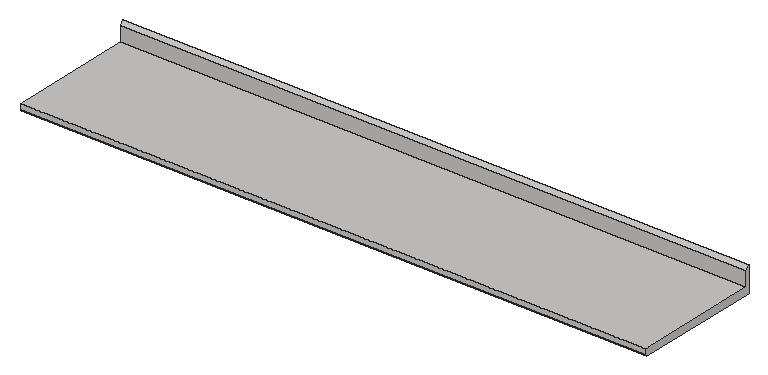
Revit family "QF_ELECTROLUXPROFESSIONAL_121172_TPLA34A", category Attrezzature speciali, Revit 2020
Family settings
  Quota connettore circolare = Usa diametro
  Tipo di parte = Normale
  Basato su piano di lavoro = No
  Sempre verticale = Sì
  Taglio con vuoti quando caricato = No
  Condiviso = No
  Punto di calcolo locali = No
Parameters (values of type "Standard")
  Weight = 107.00 kg
  Watts = 0 W
  Volts = 0 V
  URL Manufacturer = "https://www.electroluxprofessional.com/"
  URL = "https://www.electroluxprofessional.com/"
  Steam Supply Size = 0 mm
  Steam Supply Minimum Pressure = 0.0 Pa
  Steam Supply Maximum Pressure = 0.0 Pa
  Steam Consumption per Hour = 0
  Refrigeration Suction Line Size = 0.0 mm
  Refrigeration Liquid Line Size = 0.0 mm
  Refrigerant Compressor Remote = yes
  Prospetto di default = 0.0 mm
  Phase = 0
  Modello = "TPLA34A"
  Produttore = "Electrolux Professional"
  Length Actual = 3400.0 mm  # constant formula
  Item Number = "121172"
  Hot Water Size = 0 mm
  Height Actual = 140.0 mm  # constant formula
  HP = "0 HP"
  Gas Size = 0 mm
  Gas KW = 0
  Gas Input Pressure = 0 W
  Direct Waste Size = 0 mm
  Descrizione = "WORK TOP WITH UPSTAND 3400MM"
  Depth Actual = 700.0 mm  # constant formula
  Cycle = 0 Hz
  Condensate Return Size = 0 mm
  Compressed Air Volume = 0.0 L/s
  Compressed Air Size = 0 mm
  Compressed Air Pressure = 0.0 Pa
  Cold Water Size = 0 mm
  Accessory = yes
Reference planes
  plane 1 "Center (Front/Back)": y = 0
  plane 2: z = 0
  plane 3 "Center (Left/Right)": x = -1200
  plane 4 "LEFT": x = -2900
  plane 5 "RIGHT": x = 500
  plane 6 "BACK": y = 350
  plane 7 "FRONT": y = -350
  plane 8 "TOP": z = 1000
  plane 9: z = 900
  plane 10: z = 860
Forms (mm)
  Extrusion 1, solid, material "QF_Finishes_Stainless Steel"
    sketch origin (-1200, 0, 0) x (0, 1, 0) y (0, 0, 1)
      loop
        line (350, 1000) -> (330, 980) -> (330, 900) -> (-350, 900) -> (-350, 870) -> (-340, 860) -> (350, 860) -> (350, 1000)
    from 1700 to -1700
Lines and regions (mm)
  symbolic lines
    curve 1: line (500, 350, 1000) -> (-2900, 350, 1000)
    curve 2: line (-2900, 350, 1000) -> (-2900, -350, 1000)
    curve 3: line (-2900, -350, 1000) -> (500, -350, 1000)
    curve 4: line (500, -350, 1000) -> (500, 350, 1000)
    curve 5: line (-2900, 330, 1000) -> (500, 330, 1000)
Dimensions and locks
  plane 4 "LEFT" to plane 5 "RIGHT" = 3400.0 mm
  equal spacing: plane 4 "LEFT", plane 3 "Center (Left/Right)", plane 5 "RIGHT"
  plane 6 "BACK" to plane 7 "FRONT" = 700.0 mm
  equal spacing: plane 6 "BACK", plane 1 "Center (Front/Back)", plane 7 "FRONT"
  locked: plane 8 "TOP" to plane 9 at 100
  locked: plane 6 "BACK" to Extrusion 1 sketch curve at 20
  plane 10 to level = 860.0 mm
  plane 8 "TOP" to plane 10 = 140.0 mm
  aligned and locked: level to plane 2
  aligned and locked: Extrusion 1 to plane 4 "LEFT"
  aligned and locked: plane 5 "RIGHT" to Extrusion 1
  aligned and locked: curve 2 to plane 4 "LEFT"
  aligned and locked: Extrusion 1 sketch curve to plane 9
  aligned and locked: Extrusion 1 sketch curve to plane 6 "BACK"
  aligned and locked: plane 7 "FRONT" to Extrusion 1 sketch curve
  aligned and locked: plane 10 to Extrusion 1 sketch curve
Automatic sketch dimensions
  curve 3 to plane 7 "FRONT" = 0.0 mm
  curve 4 to plane 5 "RIGHT" = 0.0 mm
  curve 4 to plane 6 "BACK" = 0.0 mm
  curve 5 to plane 6 "BACK" = 20.0 mm
  Extrusion 1 sketch curve to plane 8 "TOP" = 0.0 mm
  Extrusion 1 sketch curve to plane 8 "TOP" = 20.0 mm
  plane 7 "FRONT" to Extrusion 1 sketch curve = 10.0 mm
  level to Extrusion 1 sketch curve = 870.0 mm
